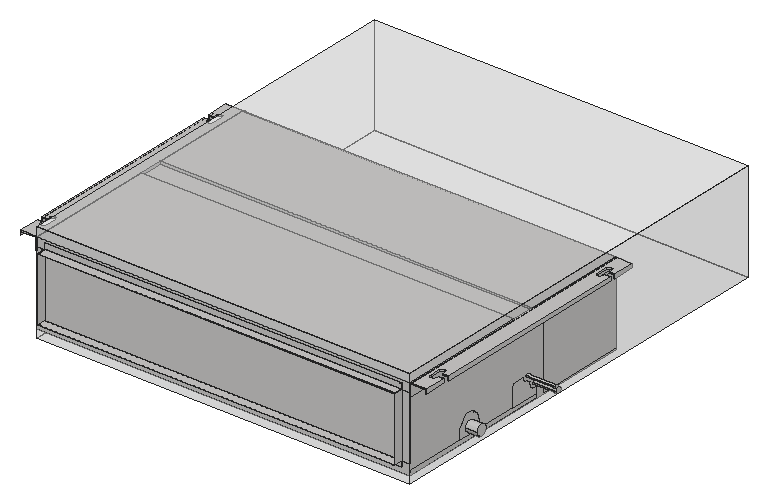
Revit family "outputfile", category 機械設備, Revit 2024
Family settings
  丸型コネクタ寸法 = 半径を使用
  パーツ タイプ = 標準
  OmniClass 番号 = 23.75.10.24.21.27.27
  OmniClass タイトル = Split System Air Conditioning Units
  作業面ベース = いいえ
  常に垂直 = はい
  ロード時にボイドで切り取り = いいえ
  注釈の向きを維持 = いいえ
  共有 = いいえ
  部屋計算ポイント = はい
Parameters (values of type "FDLF60DV14")
  Description = ""
  書き出し IFC クラス(タイプ) = "IfcUnitaryEquipmentType"
  定義済み IFC タイプ(タイプ) = "AIRCONDITIONINGUNIT"
  Cost = 0
  Type Comments = ""
  Keynote = ""
  Type Image = (empty or 0)
  Assembly Code = ""
  switch_frequency = yes
  ld_powersupply = Depth / 2  # 310 mm
  connector_voltage = Voltage_50Hz  # 230 V
  connector_powerinput = [Power Input (Cooling)]  # 0.000 kW
  connector_phase = Phase_50Hz  # 1
  angle_liquidpipe [instance] = if(Right Connection_refrigerant, 90.00°, 270.00°)  # 90.00°
  angle_gaspipe [instance] = if(Right Connection_refrigerant, 90.00°, 270.00°)  # 90.00°
  angle_drainpipe [instance] = if(Right Connection_refrigerant, 90.00°, 270.00°)  # 90.00°
  URL = ""
  Right Connection_refrigerant [instance] = yes
  製造元 = "Daikin"
  モデル = "FDLF60DV14"
  r_Liquid Pipe Size = Liquid Pipe Size / 2  # 3.2 mm
  r_Gas Pipe Size = Gas Pipe Size / 2  # 6.35 mm
  r_Drain Pipe Size = Drain Pipe Size / 2  # 12.5 mm
  lw_powersupply = 50 mm  # constant formula
  lw_ductflange2 = 803 mm
  lw_Width = 860 mm
  lh_suctionflange [instance] = 100 mm  # constant formula
  ld_suctionflange [instance] = if(Rear Connection_Return Air, 190.25 mm, 100.25 mm)  # 190.25 mm
  angle_vertical_RA [instance] = if(Rear Connection_Return Air, 90.00°, 0.00°)  # 90.00°
  angle horizontal_RA [instance] = if(Rear Connection_Return Air, 180.00°, 270.00°)  # 180.00°
  Voltage_comment_50Hz = "220 - 240"
  Voltage_50Hz = 230 V
  Supply Air Direction [instance] = yes
  Sound Power Level_H speed (dB) = 0
  Rear Connection_Return Air [instance] = not(Bottom Connection_Return Air)  # yes
  RA_length [instance] = if(Rear Connection_Return Air, 190.25 mm, 100 mm)  # 190.25 mm
  Phase_50Hz = 1
  Minimum External Static Pressure = 15.00 Pa
  Minimum Circuit Amps_50Hz = 0.0 A
  Maximum Fuse Amps_50Hz = 0.0 A
  Maximum External Static Pressure = 38.00 Pa
  Material_Casing = DAIKIN_GalvanizedSteel_Casing_indoorunit
  lw_liquidpipe = 521 mm
  lw_gaspipe = 508 mm
  lw_mountinghole = 940 mm
  lw_drainpipe = 480 mm
  lh_powersupply = 150 mm  # constant formula
  lh_liquidpipe = 138 mm  # constant formula
  lh_gaspipe = 160 mm  # constant formula
  lh_mountinghole = Height  # 200 mm
  lh_drainpipe = 170 mm  # constant formula
  lh_antena = 1 mm  # constant formula
  ld_liquidpipe = 353 mm  # constant formula
  ld_gaspipe = 375 mm  # constant formula
  ld_mountinghole = 500 mm  # constant formula
  ld_drainpipe = 178 mm  # constant formula
  ld_controlbox = 626 mm  # constant formula
  h*** = 0 mm  # constant formula
  d_dischargeflange = 21.2 mm  # constant formula
  Width = 900 mm
  Version = "ver.1.0"
  Unit Type = "L.S.P. Duct for Living room"
  Unit Mass Weight = 28.00 kg
  Unit Designation [instance] = ""
  Uniclass2015Version = "Products v1.30"
  Uniclass2015Title = "Split coil room air conditioning units"
  Uniclass2015Code = "Pr_70_65_03_86"
  Total Cooling Capacity [instance] = 0.000 kW
  Sound Pressure Level_M speed (dBA) = 33
  Sound Pressure Level_L speed (dBA) = 30
  Sound Pressure Level_H speed (dBA) = 37
  Series = "SkyAir_Fan Coil Unit"
  Sensible Cooling Capacity [instance] = 0.000 kW
  SA Duct Size Width = 860 mm
  SA Duct Size Height = 153 mm
  Refrigerant Type = "R32"
  RA Duct Size Width = 761 mm
  RA Duct Size Height = 160 mm
  Power Input (Cooling) = 0.000 kW
  Option Accessory 3 [instance] = ""
  Option Accessory 2 [instance] = ""
  Option Accessory 1 [instance] = ""
  Nominal Cooling Capacity = 6.000 kW
  Minimum Airflow = 720.00 m³/h
  Median Airflow = 840.00 m³/h
  Maximum Airflow = 960.00 m³/h
  Load Classification = HVAC
  Liquid Pipe Size = 6.4 mm
  Link_Nested Family [instance] = ""
  Left Connection_refrigerant [instance] = not(Right Connection_refrigerant)  # no
  IfcVersion = ""
  IfcExportType = "AIRCONDITIONINGUNIT"
  IfcExportAs = "IfcUnitaryEquipmentType"
  Height = 200 mm
  Heat Exchanger Type = "Cross Fin Coil"
  Gas Pipe Size = 12.7 mm
  Frequency_50Hz = 50 Hz
  Fan Type = "Sirocco Fan"
  Fan Drive = "Direct Drive"
  FCU Tag No. [instance] = ""
  Drain Pipe Size = 25.0 mm
  Design Supply Airflow [instance] = 0.00 m³/h
  Design Return Airflow [instance] = 0.00 m³/h
  Design External Static Pressure [instance] = 0.00 Pa
  Depth = 620 mm
  既定の高さ = 0 mm
  Cooling Entering Wet Bulb Temperature [instance] = 0.00 °C
  Cooling Entering Dry Bulb Temperature [instance] = 0.00 °C
  Cooling Ambient Wet Bulb Temperature [instance] = 0.00 °C
  Cooling Ambient Dry Bulb Temperature [instance] = 0.00 °C
  Clearance visibility [instance] = yes
  Clearance Top = 20 mm
  Clearance Right = 0 mm
  Clearance Rear = 400 mm
  Clearance Left = 0 mm
  Clearance Front = 0 mm
  Clearance Bottom = 20 mm
  Bottom Connection_Return Air [instance] = no
Reference planes
  plane 1 "Center (Front/Back)": y = 0
  plane 2: z = 0
  plane 3 "Center (Left/Right)": x = 0
  plane 4 "Back": y = 310
  plane 5 "Front": y = -310
  plane 6 "Left": x = -450
  plane 7 "Right": x = 450
  plane 8 "Top": z = 0
  plane 9 "Bottom": z = -200
  plane 10: x = -470
  plane 11: x = 470
  plane 12: y = 250
  plane 13: z = 0
  plane 14 "Clearance Left": x = -450
  plane 15 "Clearance Right": x = 450
  plane 16 "Clearance Rear": y = 710
  plane 17 "Clearance Front": y = -310
  plane 18 "Clearance Top": z = 20
  plane 19 "Clearance Bottom": z = -220
  plane 20: y = -250
  plane 21: z = -21
  plane 22: z = -97.5
  plane 23: x = -48.5
  plane 24: y = 119.75
  plane 25: z = -100
  plane 26: y = 65
  plane 27: z = -160
  plane 28: y = 43
  plane 29: z = -138
  plane 30: y = -132
  plane 31: z = -170
  plane 32: x = 508
  plane 33: x = 521
  plane 34: x = 480
  plane 35: x = 400
  plane 36: z = -150
  plane 37: x = -480
  plane 38: x = -521
  plane 39: x = -508
Forms (mm)
  Extrusion 1, solid, material "DAIKIN_GalvanizedSteel_Casing_indoorunit" <- "Material_Casing"
    sketch origin (0, 0, 0) x (1, 0, 0) y (0, 1, 0)
      loop
        line (-450, -310) -> (450, -310) -> (450, 310) -> (-450, 310) -> (-450, -310)
    from -200 to 0
  Extrusion 2, void
    sketch origin (0, 0, 1) x (1, 0, 0) y (0, 1, 0)
      loop
        line (-450, 61.5) -> (-450, 3.5) -> (450, 3.5) -> (450, 61.5) -> (-450, 61.5)
    from -1 to -7
  Extrusion 3, solid, material "DAIKIN_GalvanizedSteel_Casing_indoorunit" <- "Material_Casing", visible <- "Bottom Connection_Return Air"
    sketch origin (0, 0, 0) x (1, 0, 0) y (0, 0, 1)
      loop
        line (352, -199.25) -> (352, -0.75) -> (-449, -0.75) -> (-449, -199.25) -> (352, -199.25)
    from -310 to -309
  Extrusion 4, solid, material "DAIKIN_GalvanizedSteel_Casing_indoorunit" <- "Material_Casing", visible <- "Rear Connection_Return Air"
    sketch origin (0, 0, 0) x (1, 0, 0) y (0, 1, 0)
      loop
        line (-449, 309) -> (-449, 110.5) -> (352, 110.5) -> (352, 309) -> (-449, 309)
    from -200 to -199
  Extrusion 5, solid, material "DAIKIN_GalvanizedSteel_Casing_indoorunit" <- "Material_Casing", visible <- "Right Connection_refrigerant"
    sketch origin (450, 0, 0) x (0, 1, 0) y (0, 0, 1)
      loop
        circle (65, -160) r 6.35
    from 0 to 58
  Extrusion 6, solid, material "DAIKIN_GalvanizedSteel_Casing_indoorunit" <- "Material_Casing", visible <- "Right Connection_refrigerant"
    sketch origin (450, 0, 0) x (0, 1, 0) y (0, 0, 1)
      loop
        circle (43, -138) r 3.2
    from 0 to 71
  Extrusion 7, solid, material "DAIKIN_GalvanizedSteel_Casing_indoorunit" <- "Material_Casing", visible <- "Right Connection_refrigerant"
    sketch origin (450, 0, 0) x (0, 1, 0) y (0, 0, 1)
      loop
        line (-310, -200) -> (70, -200) -> (70, -190) -> (-310, -190) -> (-310, -200)
    from 0 to -1
  Extrusion 8, solid, material "DAIKIN_GalvanizedSteel_Casing_indoorunit" <- "Material_Casing", visible <- "Right Connection_refrigerant"
    sketch origin (450, 0, 0) x (0, 1, 0) y (0, 0, 1)
      loop
        arc (96, -27.5) -> (93.879, -28.379) -> (93, -30.5) r 3
        line (93, -30.5) -> (93, -194.5)
        arc (93, -194.5) -> (93.879, -196.621) -> (96, -197.5) r 3
        line (96, -197.5) -> (310, -197.5) -> (310, -27.5) -> (96, -27.5)
    from 0 to -1
  Extrusion 9, solid, material "DAIKIN_GalvanizedSteel_Casing_indoorunit" <- "Material_Casing", visible <- "Right Connection_refrigerant"
    sketch origin (450, 0, 0) x (0, 1, 0) y (0, 0, 1)
      loop
        arc (-104, -170) -> (-132, -142) -> (-160, -170) r 28
        line (-160, -170) -> (-160, -190) -> (-104, -190) -> (-104, -170)
    from 0 to -1
  Extrusion 10, solid, material "DAIKIN_GalvanizedSteel_Casing_indoorunit" <- "Material_Casing", visible <- "Right Connection_refrigerant"
    sketch origin (450, 0, 0) x (0, 1, 0) y (0, 0, 1)
      loop
        line (70, -190) -> (70, -174.671)
        arc (70, -174.671) -> (54.678, -171.563) -> (49.857, -156.691) r 15.5
        line (49.857, -156.691) -> (43.472, -150.991)
        arc (43.472, -150.991) -> (34.343, -147.698) -> (30.039, -139) r 13
        line (30.039, -139) -> (2, -139)
        arc (2, -139) -> (-0.121, -139.879) -> (-1, -142) r 3
        line (-1, -142) -> (-1, -190) -> (70, -190)
    from 0 to -1
  Extrusion 11, solid, material "DAIKIN_GalvanizedSteel_Casing_indoorunit" <- "Material_Casing", visible <- "Left Connection_refrigerant"
    sketch origin (-450, 0, 0) x (0, 1, 0) y (0, 0, 1)
      loop
        line (-310, -200) -> (70, -200) -> (70, -190) -> (-310, -190) -> (-310, -200)
    from 0 to -1
  Extrusion 12, solid, material "DAIKIN_GalvanizedSteel_Casing_indoorunit" <- "Material_Casing", visible <- "Left Connection_refrigerant"
    sketch origin (-450, 0, 0) x (0, 1, 0) y (0, 0, 1)
      loop
        arc (96, -27.5) -> (93.879, -28.379) -> (93, -30.5) r 3
        line (93, -30.5) -> (93, -194.5)
        arc (93, -194.5) -> (93.879, -196.621) -> (96, -197.5) r 3
        line (96, -197.5) -> (310, -197.5) -> (310, -27.5) -> (96, -27.5)
    from 0 to -1
  Extrusion 13, solid, material "DAIKIN_GalvanizedSteel_Casing_indoorunit" <- "Material_Casing", visible <- "Left Connection_refrigerant"
    sketch origin (-450, 0, 0) x (0, 1, 0) y (0, 0, 1)
      loop
        arc (-104, -170) -> (-132, -142) -> (-160, -170) r 28
        line (-160, -170) -> (-160, -190) -> (-104, -190) -> (-104, -170)
    from 0 to -1
  Extrusion 14, solid, material "DAIKIN_GalvanizedSteel_Casing_indoorunit" <- "Material_Casing", visible <- "Left Connection_refrigerant"
    sketch origin (-450, 0, 0) x (0, 1, 0) y (0, 0, 1)
      loop
        line (70, -190) -> (70, -174.671)
        arc (70, -174.671) -> (54.678, -171.563) -> (49.857, -156.691) r 15.5
        line (49.857, -156.691) -> (43.472, -150.991)
        arc (43.472, -150.991) -> (34.343, -147.698) -> (30.039, -139) r 13
        line (30.039, -139) -> (2, -139)
        arc (2, -139) -> (-0.121, -139.879) -> (-1, -142) r 3
        line (-1, -142) -> (-1, -190) -> (70, -190)
    from 0 to -1
  Extrusion 15, solid, material "DAIKIN_GalvanizedSteel_Casing_indoorunit" <- "Material_Casing", visible <- "Left Connection_refrigerant"
    sketch origin (-450, 0, 0) x (0, 1, 0) y (0, 0, 1)
      loop
        circle (43, -138) r 3.2
    from -71 to 0
  Extrusion 16, solid, material "DAIKIN_GalvanizedSteel_Casing_indoorunit" <- "Material_Casing", visible <- "Left Connection_refrigerant"
    sketch origin (-450, 0, 0) x (0, 1, 0) y (0, 0, 1)
      loop
        circle (65, -160) r 6.35
    from -58 to 0
  Extrusion 17, solid, material "DAIKIN_GalvanizedSteel_Casing_indoorunit" <- "Material_Casing", visible <- "Left Connection_refrigerant"
    sketch origin (-450, 0, 0) x (0, 1, 0) y (0, 0, 1)
      loop
        circle (-132, -170) r 12.5
    from -30 to 0
  Extrusion 18, solid, material "DAIKIN_GalvanizedSteel_Casing_indoorunit" <- "Material_Casing", visible <- "Right Connection_refrigerant"
    sketch origin (450, 0, 0) x (0, 1, 0) y (0, 0, 1)
      loop
        circle (-132, -170) r 12.5
    from 0 to 30
Cuts and joins
  Extrusion 2 cuts Extrusion 1
Dimensions and locks
  "Height": plane 8 "Top" to plane 9 "Bottom"
  equal spacing: plane 10, plane 3 "Center (Left/Right)", plane 11
  "lw_mountinghole": plane 10 to plane 11
  equal spacing: plane 6 "Left", plane 3 "Center (Left/Right)", plane 7 "Right"
  "Width": plane 6 "Left" to plane 7 "Right"
  "Clearance Right": plane 7 "Right" to plane 15 "Clearance Right"
  "Clearance Left": plane 14 "Clearance Left" to plane 6 "Left"
  "Clearance Rear": plane 16 "Clearance Rear" to plane 4 "Back"
  "Clearance Front": plane 5 "Front" to plane 17 "Clearance Front"
  "Clearance Top": plane 18 "Clearance Top" to plane 8 "Top"
  "Clearance Bottom": plane 9 "Bottom" to plane 19 "Clearance Bottom"
  "Depth": plane 4 "Back" to plane 5 "Front"
  equal spacing: plane 4 "Back", plane 1 "Center (Front/Back)", plane 5 "Front"
  Extrusion 3 sketch curve to Extrusion 3 sketch curve = 198.5 mm
  locked: plane 20 to plane 5 "Front" at 60
  "ld_mountinghole": plane 12 to plane 20
  locked: plane 8 "Top" to plane 21 at 21
  locked: plane 23 to plane 3 "Center (Left/Right)" at 48.5
  "ld_suctionflange": plane 4 "Back" to plane 24
  "lh_suctionflange": plane 8 "Top" to plane 25
  "ld_gaspipe": plane 26 to plane 5 "Front"
  "lh_gaspipe": plane 8 "Top" to plane 27
  "ld_liquidpipe": plane 28 to plane 5 "Front"
  "lh_liquidpipe": plane 8 "Top" to plane 29
  "ld_drainpipe": plane 30 to plane 5 "Front"
  "lh_drainpipe": plane 8 "Top" to plane 31
  "lw_powersupply": plane 35 to plane 7 "Right"
  "lh_powersupply": plane 8 "Top" to plane 36
  "lw_gaspipe": plane 3 "Center (Left/Right)" to plane 32
  "lw_liquidpipe": plane 3 "Center (Left/Right)" to plane 33
  "lw_drainpipe": plane 3 "Center (Left/Right)" to plane 34
  "lw_liquidpipe": plane 38 to plane 3 "Center (Left/Right)"
  "lw_gaspipe": plane 39 to plane 3 "Center (Left/Right)"
  "lw_drainpipe": plane 37 to plane 3 "Center (Left/Right)"
  "r_Gas Pipe Size": radius of Extrusion 5 sketch curve
  "r_Liquid Pipe Size": radius of Extrusion 6 sketch curve
  "r_Liquid Pipe Size": radius of Extrusion 15 sketch curve
  "r_Gas Pipe Size": radius of Extrusion 16 sketch curve
  "r_Drain Pipe Size": radius of Extrusion 17 sketch curve
  "r_Drain Pipe Size": radius of Extrusion 18 sketch curve
  aligned and locked: level to plane 2
  aligned and locked: Extrusion 1 to plane 9 "Bottom"
  aligned and locked: plane 8 "Top" to Extrusion 1
  aligned and locked: plane 11 to nested 2
  aligned and locked: plane 10 to nested 3
  aligned and locked: plane 10 to nested 4
  aligned and locked: plane 8 "Top" to Extrusion 2
  aligned and locked: plane 9 "Bottom" to Extrusion 4  (x2)
  aligned and locked: plane 7 "Right" to cut or joined group of Extrusion 1, Extrusion 2  (x2)
  aligned and locked: plane 3 "Center (Left/Right)" to nested 9
  aligned and locked: plane 6 "Left" to nested 7
  aligned and locked: plane 8 "Top" to nested 9
  aligned and locked: plane 11 to nested 1
  aligned and locked: nested 6 to plane 1 "Center (Front/Back)"
  aligned and locked: plane 3 "Center (Left/Right)" to nested 6
  aligned and locked: level to plane 8 "Top"
  aligned and locked: plane 1 "Center (Front/Back)" to nested 9
  aligned and locked: plane 5 "Front" to nested 10
  aligned and locked: Extrusion 1 sketch curve to plane 5 "Front"
  aligned and locked: plane 21 to nested 10
  aligned and locked: nested 5 to plane 5 "Front"
  aligned and locked: plane 3 "Center (Left/Right)" to nested 5
  aligned and locked: plane 22 to nested 5
  aligned and locked: Extrusion 2 sketch curve to plane 6 "Left"
  aligned and locked: plane 7 "Right" to Extrusion 2 sketch curve
  aligned and locked: nested 11 to plane 23
  aligned and locked: nested 11 to plane 24
  aligned and locked: plane 27 to Extrusion 5 sketch curve
  aligned and locked: plane 26 to Extrusion 5 sketch curve
  aligned and locked: plane 28 to Extrusion 6 sketch curve
  aligned and locked: plane 29 to Extrusion 6 sketch curve
  aligned and locked: plane 32 to Extrusion 5
  aligned and locked: plane 33 to Extrusion 6
  aligned and locked: Extrusion 7 sketch curve to plane 9 "Bottom"
  aligned and locked: Extrusion 7 sketch curve to plane 5 "Front"
  aligned and locked: plane 14 "Clearance Left" to nested 12
  aligned and locked: plane 15 "Clearance Right" to nested 12
  aligned and locked: plane 16 "Clearance Rear" to nested 12
  aligned and locked: nested 12 to plane 17 "Clearance Front"
  aligned and locked: nested 12 to plane 18 "Clearance Top"
  aligned and locked: nested 12 to plane 19 "Clearance Bottom"
  aligned and locked: nested 13 to plane 35
  aligned and locked: nested 13 to plane 36
  aligned and locked: plane 4 "Back" to nested 13
  aligned and locked: nested 14 to plane 26
  aligned and locked: plane 3 "Center (Left/Right)" to nested 14
  aligned and locked: nested 14 to plane 27
  aligned and locked: nested 15 to plane 28
  aligned and locked: plane 3 "Center (Left/Right)" to nested 15
  aligned and locked: nested 15 to plane 29
  aligned and locked: nested 16 to plane 30
  aligned and locked: plane 3 "Center (Left/Right)" to nested 16
  aligned and locked: nested 16 to plane 31
  aligned and locked: plane 29 to Extrusion 15 sketch curve
  aligned and locked: plane 28 to Extrusion 15 sketch curve
  aligned and locked: Extrusion 15 to plane 38
  aligned and locked: plane 6 "Left" to Extrusion 15
  aligned and locked: plane 26 to Extrusion 16 sketch curve
  aligned and locked: plane 27 to Extrusion 16 sketch curve
  aligned and locked: Extrusion 16 to plane 39
  aligned and locked: plane 6 "Left" to Extrusion 16
  aligned and locked: plane 30 to Extrusion 17 sketch curve
  aligned and locked: Extrusion 17 to plane 37
  aligned and locked: plane 6 "Left" to Extrusion 17
  aligned and locked: Extrusion 5 to plane 7 "Right"
  aligned and locked: Extrusion 6 to plane 7 "Right"
  aligned and locked: plane 30 to Extrusion 18 sketch curve
  aligned and locked: plane 31 to Extrusion 18 sketch curve
  aligned and locked: plane 34 to Extrusion 18
  aligned and locked: Extrusion 18 to plane 7 "Right"
Automatic sketch dimensions
  Extrusion 1 sketch curve to plane 4 "Back" = 0 mm
  Extrusion 1 sketch curve to plane 6 "Left" = 0 mm
  Extrusion 1 sketch curve to plane 7 "Right" = 0 mm
  Extrusion 2 sketch curve to plane 1 "Center (Front/Back)" = 3.5 mm
  Extrusion 2 sketch curve to plane 26 = 3.5 mm
  plane 9 "Bottom" to Extrusion 3 sketch curve = 0.75 mm
  plane 6 "Left" to Extrusion 3 sketch curve = 1 mm
  Extrusion 3 sketch curve to plane 35 = 48 mm
  Extrusion 4 sketch curve to plane 4 "Back" = 1 mm
  plane 6 "Left" to Extrusion 4 sketch curve = 1 mm
  Extrusion 4 sketch curve to plane 35 = 48 mm
  Extrusion 4 sketch curve to plane 24 = 9.25 mm
  plane 26 to Extrusion 7 sketch curve = 5 mm
  Extrusion 7 sketch curve to Extrusion 7 sketch curve = 10 mm
  Extrusion 8 sketch curve to plane 21 = 9.5 mm
  Extrusion 8 sketch curve to plane 24 = 23.75 mm  (x2)
  plane 9 "Bottom" to Extrusion 8 sketch curve = 5.5 mm
  Extrusion 8 sketch curve to Extrusion 8 sketch curve = 3 mm
  Extrusion 9 sketch curve to plane 31 = 0 mm
  Extrusion 9 sketch curve to plane 30 = 0 mm
  plane 9 "Bottom" to Extrusion 9 sketch curve = 10 mm
  Extrusion 9 sketch curve to plane 30 = 28 mm
  Extrusion 10 sketch curve to plane 28 = 0 mm
  Extrusion 10 sketch curve to plane 26 = 0 mm
  Extrusion 10 sketch curve to plane 27 = 0 mm
  Extrusion 10 sketch curve to plane 29 = 0 mm
  Extrusion 10 sketch curve to plane 29 = 1 mm
  Extrusion 10 sketch curve to plane 28 = 12.961 mm
  Extrusion 10 sketch curve to plane 1 "Center (Front/Back)" = 2 mm
  plane 1 "Center (Front/Back)" to Extrusion 10 sketch curve = 1 mm
  plane 28 to Extrusion 10 sketch curve = 0.472 mm
  plane 27 to Extrusion 10 sketch curve = 3.309 mm
  plane 28 to Extrusion 10 sketch curve = 6.857 mm
  plane 26 to Extrusion 10 sketch curve = 5 mm
  plane 9 "Bottom" to Extrusion 10 sketch curve = 10 mm
  Extrusion 8 sketch curve to plane 4 "Back" = 0 mm
  Extrusion 17 sketch curve to plane 31 = 0 mm
  Extrusion 12 sketch curve to plane 4 "Back" = 0 mm
  plane 9 "Bottom" to Extrusion 12 sketch curve = 5.5 mm
  Extrusion 12 sketch curve to plane 24 = 23.75 mm  (x2)
  Extrusion 12 sketch curve to plane 21 = 6.5 mm
  Extrusion 12 sketch curve to Extrusion 12 sketch curve = 3 mm
  Extrusion 14 sketch curve to plane 28 = 0 mm
  Extrusion 14 sketch curve to plane 26 = 0 mm
  Extrusion 14 sketch curve to plane 27 = 0 mm
  Extrusion 14 sketch curve to plane 29 = 0 mm
  Extrusion 14 sketch curve to plane 29 = 1 mm
  Extrusion 14 sketch curve to plane 28 = 12.961 mm
  Extrusion 14 sketch curve to plane 1 "Center (Front/Back)" = 2 mm
  plane 1 "Center (Front/Back)" to Extrusion 14 sketch curve = 1 mm
  plane 28 to Extrusion 14 sketch curve = 0.472 mm
  plane 27 to Extrusion 14 sketch curve = 3.309 mm
  plane 28 to Extrusion 14 sketch curve = 6.857 mm
  plane 26 to Extrusion 14 sketch curve = 5 mm
  plane 9 "Bottom" to Extrusion 14 sketch curve = 10 mm
  Extrusion 11 sketch curve to plane 5 "Front" = 0 mm
  Extrusion 11 sketch curve to plane 9 "Bottom" = 0 mm
  plane 26 to Extrusion 11 sketch curve = 5 mm
  Extrusion 11 sketch curve to Extrusion 11 sketch curve = 10 mm
  Extrusion 13 sketch curve to plane 31 = 0 mm
  Extrusion 13 sketch curve to plane 30 = 0 mm
  plane 9 "Bottom" to Extrusion 13 sketch curve = 10 mm
  Extrusion 13 sketch curve to plane 30 = 28 mm
Nested families
  nested 1: "daikin_mountinghole" at (470, 250, -200), l_antenna <- "lh_antena", Link_Nested Family <- "Link_Nested Family", h_mountinghole <- "lh_mountinghole", type "daikin_mountinghole"
    with show yes, l_antenna 1 mm, h_mountinghole 200 mm, Link_Nested Family ""
  nested 2: "daikin_mountinghole" at (470, -250, -200), Link_Nested Family <- "Link_Nested Family", l_antenna <- "lh_antena", h_mountinghole <- "lh_mountinghole", type "daikin_mountinghole"
    with show yes, l_antenna 1 mm, h_mountinghole 200 mm, Link_Nested Family ""
  nested 3: "daikin_mountinghole" at (-470, -250, -200), l_antenna <- "lh_antena", Link_Nested Family <- "Link_Nested Family", h_mountinghole <- "lh_mountinghole", type "daikin_mountinghole"
    with show yes, l_antenna 1 mm, h_mountinghole 200 mm, Link_Nested Family ""
  nested 4: "daikin_mountinghole" at (-470, 250, -200), l_antenna <- "lh_antena", Link_Nested Family <- "Link_Nested Family", h_mountinghole <- "lh_mountinghole", type "daikin_mountinghole"
    with show yes, l_antenna 1 mm, h_mountinghole 200 mm, Link_Nested Family ""
  nested 5: "daikin_connector_rotate2" at (0, -310, -97.5), length <- "d_dischargeflange", type "daikin_connector_rotate2"
    with radius 10 mm, length 21.2 mm, angle_vertical 90.00°, show_face no
  nested 6: "daikin_△_symbolicline" at (-75, -129.904, 200) x (-0.5, 0.866, 0) z (0, 0, 1), built-in parameter 1001364 <- "Height", visible <- "Supply Air Direction", type "daikin_△_symbolicline"
    with length 300 mm
  nested 7: "daikin_ductflange_FDLF-DV14_1" at (-48.5, 310, -100), visible <- "Rear Connection_Return Air", material <- "Material_Casing", width <- "lw_ductflange2", type "daikin_ductflange_FDLF-DV14_1"
    with width 803 mm, material DAIKIN_GalvanizedSteel_Casing_indoorunit, height 180 mm, depth 21.2 mm
  nested 8: "daikin_ductflange_FDLF-DV14_1" at (-48.5, 209.75, -200) x (1, 0, 0) z (0, 1, 0), visible <- "Bottom Connection_Return Air", material <- "Material_Casing", width <- "lw_ductflange2", type "daikin_ductflange_FDLF-DV14_1"
    with width 803 mm, material DAIKIN_GalvanizedSteel_Casing_indoorunit, height 180 mm, depth 21.2 mm
  nested 9: "daikin_hangerfixture_FDLF-DV14" at (0, 0, 0), type "daikin_hangerfixture_FDLF-DV14"
  nested 10: "daikin_ductflange_FDLF-DV14" at (0, 3.5, -364.201), width <- "lw_Width", material <- "Material_Casing", type "daikin_ductflange_FDLF-DV14"
    with width 860 mm, material DAIKIN_GalvanizedSteel_Casing_indoorunit, height 155 mm, depth 21.2 mm
  nested 11: "daikin_connector_rotate3" at (-48.5, 119.75, -100), length <- "RA_length", angle_vertical <- "angle_vertical_RA", angle_horizontal <- "angle horizontal_RA", type "daikin_connector_rotate3"
    with show no, radius 10 mm, length 190.25 mm, angle_vertical 90.00°, angle_horizontal 180.00°
  nested 12: "daikin_clearancespace" at (0, 200, -99.881), visible <- "Clearance visibility", Link_Nested Family <- "Link_Nested Family", show <- "Clearance visibility", type "daikin_clearancespace"
    with width 900 mm, show yes, height 240 mm, depth 1020 mm, Link_Nested Family ""
  nested 13: "daikin_connector_rotate2" at (400, 0, -150) x (-1, 0, 0) z (0, 0, 1), length <- "ld_powersupply", type "daikin_connector_rotate2"
    with radius 10 mm, length 310 mm, angle_vertical 90.00°, show_face no
  nested 14: "daikin_connector_rotate3" at (0, 65, -160), angle_vertical <- "angle_gaspipe", radius <- "r_Gas Pipe Size", length <- "lw_gaspipe", type "daikin_connector_rotate3"
    with show no, radius 6.35 mm, length 508 mm, angle_vertical 90.00°, angle_horizontal 90.00°
  nested 15: "daikin_connector_rotate3" at (0, 43, -138), angle_vertical <- "angle_liquidpipe", length <- "lw_liquidpipe", radius <- "r_Liquid Pipe Size", type "daikin_connector_rotate3"
    with show no, radius 3.2 mm, length 521 mm, angle_vertical 90.00°, angle_horizontal 90.00°
  nested 16: "daikin_connector_rotate3" at (0, -132, -170), angle_vertical <- "angle_drainpipe", length <- "lw_drainpipe", radius <- "r_Drain Pipe Size", type "daikin_connector_rotate3"
    with show no, radius 12.5 mm, length 480 mm, angle_vertical 90.00°, angle_horizontal 90.00°
Connectors
  hvac at (0, -331.2, -97.5), driven by "SA Duct Size Height", driven by "SA Duct Size Width"
    settings: on nested 5, index 1, duct flow 0.00 m³/h, flow factor 0, pres drop 0.00 Pa, loss coef 0, conn angle 0.00°, conn width 860.0 mm, conn height 153.0 mm, conn diameter 609.6 mm, duct sys type 1, conn prof type 1, flow config 0, flow direction 2, loss method 4, conn ref index -1, conn util no, is conn primary yes, conn desc "SA Duct"
  hvac at (-48.5, 310, -100), driven by "RA Duct Size Height", driven by "RA Duct Size Width"
    settings: on nested 11, index 2, duct flow 0.00 m³/h, flow factor 0, pres drop 0.00 Pa, loss coef 0, conn angle 0.00°, conn width 761.0 mm, conn height 160.0 mm, conn diameter 609.6 mm, duct sys type 2, conn prof type 1, flow config 0, flow direction 1, loss method 4, conn ref index -1, conn util no, is conn primary no, conn desc "RA Duct"
  electrical at (400, 310, -150), driven by "Load Classification", driven by "connector_powerinput", driven by "connector_voltage", driven by "connector_phase"
    settings: on nested 13, index 6, voltage 230 V, apparent load 0 VA, apparent load phase1 0 VA, apparent load phase2 0 VA, apparent load phase3 0 VA, power factor 1, load classification "HVAC", number of poles 1, system type 30, power factor state 1, is connector primary yes, connector utility no, sub classification motor no, connector description "Power Supply"
  piping at (508, 65, -160), diameter 12.7, driven by "r_Gas Pipe Size"
    settings: on nested 14, index 7, connector inside diameter 609.6 mm, connector length 0 mm, flow factor 0, pipe flow 0.00 m³/h, pressure drop 0.0 Pa, fitting loss kfactor 0, connector angle 0.00°, fixture units 0, engagement length 0 mm, angle of deflection 0.00°, flow configuration 1, flow direction 2, fitting loss method 0, system type 29, joint type 0, gender type 0, connector reference index -1, connector utility 0, adjustable connector no, is connector primary yes, connector description "Refrigerant Gas Piping"
  piping at (521, 43, -138), diameter 6.4, driven by "r_Liquid Pipe Size"
    settings: on nested 15, index 8, connector inside diameter 609.6 mm, connector length 0 mm, flow factor 0, pipe flow 0.00 m³/h, pressure drop 0.0 Pa, fitting loss kfactor 0, connector angle 0.00°, fixture units 0, engagement length 0 mm, angle of deflection 0.00°, flow configuration 1, flow direction 1, fitting loss method 0, system type 29, joint type 0, gender type 0, connector reference index -1, connector utility 0, adjustable connector no, is connector primary no, connector description "Refrigerant Liquid Piping"
  piping at (480, -132, -170), diameter 25, driven by "r_Drain Pipe Size"
    settings: on nested 16, index 9, connector inside diameter 609.6 mm, connector length 0 mm, flow factor 0, pipe flow 0.00 m³/h, pressure drop 0.0 Pa, fitting loss kfactor 0, connector angle 0.00°, fixture units 0, engagement length 0 mm, angle of deflection 0.00°, flow configuration 1, flow direction 2, fitting loss method 4, system type 16, joint type 0, gender type 0, connector reference index -1, connector utility 0, adjustable connector no, is connector primary no, connector description "Condensate Drain Piping"
Definition of nested family "daikin_ductflange_FDLF-DV14_1"
  Parameters (values of type "daikin_ductflange_FDLF-DV14_1")
    width [instance] = 620 mm
    material [instance] = none
    height [instance] = 180 mm
    depth [instance] = 21.2 mm
    Default Elevation = 0 mm
  Reference planes
    plane 1 "Center (Front/Back)": y = 0
    plane 2: z = 0
    plane 3 "Center (Left/Right)": x = 0
    plane 4: x = -310
    plane 5: x = 310
    plane 6: z = 100.25
    plane 7: z = -100.25
    plane 8: x = -309
    plane 9: x = 309
  Forms (mm)
    Extrusion 1, solid, material <- "material"
      sketch origin (0, 0, 0) x (1, 0, 0) y (0, 0, 1)
        loop
          line (-289, 80) -> (-289, -80) -> (289, -80) -> (289, 80) -> (-289, 80)
        loop
          line (-309, -99.25) -> (309, -99.25) -> (309, 99.25) -> (-309, 99.25) -> (-309, -99.25)
      from 0 to 1
  Dimensions and locks
    equal spacing: plane 5, plane 3 "Center (Left/Right)", plane 4, locked at 310 each
    "width": plane 5 to plane 4
    plane 8 to plane 4 = 1 mm
    locked: plane 5 to plane 9 at 1
    locked: Extrusion 1 sketch curve to Extrusion 1 sketch curve at 20  (x2)
    plane 6 to Extrusion 1 sketch curve = 1 mm
    locked: Extrusion 1 sketch curve to plane 7 at 1
    aligned and locked: level to plane 2
  Automatic sketch dimensions
    plane 4 to Extrusion 1 sketch curve = 1 mm
    Extrusion 1 sketch curve to plane 5 = 1 mm
    Extrusion 1 sketch curve to plane 6 = 20.25 mm
    plane 7 to Extrusion 1 sketch curve = 20.25 mm
Definition of nested family "daikin_hangerfixture_FDLF-DV14"
  Parameters (values of type "daikin_hangerfixture_FDLF-DV1")
    width = 900 mm
    material = none
    height = 30 mm
    depth = 620 mm
    Default Elevation = 0 mm
  Reference planes
    plane 1 "Center (Front/Back)": y = 0
    plane 2: z = 0
    plane 3 "Center (Left/Right)": x = 0
    plane 4: x = 450
    plane 5: y = 310
    plane 6: y = -310
    plane 7: x = -450
    plane 8: z = -30
  Forms (mm)
    Extrusion 1, solid, material <- "material"
      sketch origin (0, 0, 0) x (1, 0, 0) y (0, 0, 1)
        loop
          line (450, 0) -> (450, -30) -> (452.3, -30) -> (452.3, -2.3) -> (487.7, -2.3) -> (487.7, -10) -> (490, -10) -> (490, 0) -> (450, 0)
      from -310 to 310
    Extrusion 2, void
      sketch origin (0, 0, 0) x (0, 1, 0) y (0, 0, 1)
        loop
          line (310, -30) -> (310, -17.979) -> (87.935, -17.979) -> (75.914, -30) -> (310, -30)
      from -786.78 to 600.701
    Extrusion 3, void
      sketch origin (0, 0, 0) x (1, 0, 0) y (0, 1, 0)
        loop
          line (490, -244.5) -> (477, -244.5) -> (477, -238)
          arc (477, -238) -> (470, -231) -> (463, -238) r 7
          line (463, -238) -> (463, -264)
          arc (463, -264) -> (470, -271) -> (477, -264) r 7
          line (477, -264) -> (477, -257.5) -> (490, -257.5) -> (490, -244.5)
        loop
          line (490, 244.5) -> (490, 257.5) -> (477, 257.5) -> (477, 264)
          arc (477, 264) -> (470, 271) -> (463, 264) r 7
          line (463, 264) -> (463, 238)
          arc (463, 238) -> (470, 231) -> (477, 238) r 7
          line (477, 238) -> (477, 244.5) -> (490, 244.5)
      from -254.96 to 618
    Extrusion 4, solid, material <- "material"
      sketch origin (0, 0, 0) x (-1, 0, 0) y (0, 0, -1)
        loop
          line (450, 0) -> (490, 0) -> (490, 10) -> (487.7, 10) -> (487.7, 2.3) -> (452.3, 2.3) -> (452.3, 30) -> (450, 30) -> (450, 0)
      from -310 to 310
    Extrusion 5, void
      sketch origin (0, 0, 0) x (-1, 0, 0) y (0, -1, 0)
        loop
          line (490, 244.5) -> (490, 257.5) -> (477, 257.5) -> (477, 264)
          arc (477, 264) -> (470, 271) -> (463, 264) r 7
          line (463, 264) -> (463, 238)
          arc (463, 238) -> (470, 231) -> (477, 238) r 7
          line (477, 238) -> (477, 244.5) -> (490, 244.5)
        loop
          line (490, -244.5) -> (477, -244.5) -> (477, -238)
          arc (477, -238) -> (470, -231) -> (463, -238) r 7
          line (463, -238) -> (463, -264)
          arc (463, -264) -> (470, -271) -> (477, -264) r 7
          line (477, -264) -> (477, -257.5) -> (490, -257.5) -> (490, -244.5)
      from -254.96 to 618
  Cuts and joins
    Extrusion 2, Extrusion 3, Extrusion 5 cuts Extrusion 1
    Extrusion 2, Extrusion 5 cuts Extrusion 4
  Dimensions and locks
    equal spacing: plane 5, plane 1 "Center (Front/Back)", plane 6
    "depth": plane 5 to plane 6
    plane 6 to plane 1 "Center (Front/Back)" to plane 5 = 310 mm, 310 mm
    equal spacing: plane 4, plane 3 "Center (Left/Right)", plane 7
    "width": plane 4 to plane 7
    "height": level to plane 8
    aligned and locked: level to plane 2
    aligned and locked: plane 5 to Extrusion 1
    aligned and locked: Extrusion 1 to plane 6
    aligned and locked: Extrusion 1 to plane 4
    aligned and locked: plane 5 to cut or joined group of Extrusion 1, Extrusion 2, Extrusion 3, Extrusion 5
    aligned and locked: cut or joined group of Extrusion 1, Extrusion 2, Extrusion 3, Extrusion 5 to plane 6
    aligned and locked: level to cut or joined group of Extrusion 1, Extrusion 2, Extrusion 3, Extrusion 5
    aligned and locked: cut or joined group of Extrusion 1, Extrusion 2, Extrusion 3, Extrusion 5 to plane 8
    aligned and locked: plane 5 to cut or joined group of Extrusion 2, Extrusion 4, Extrusion 5
    aligned and locked: cut or joined group of Extrusion 2, Extrusion 4, Extrusion 5 to plane 6
  Automatic sketch dimensions
    Extrusion 1 sketch curve to plane 4 = 0 mm
    Extrusion 1 sketch curve to plane 8 = 0 mm
    Extrusion 1 sketch curve to level = 0 mm
    plane 4 to Extrusion 1 sketch curve = 2.3 mm
    Extrusion 1 sketch curve to level = 2.3 mm
    Extrusion 1 sketch curve to Extrusion 1 sketch curve = 35.4 mm
    Extrusion 1 sketch curve to Extrusion 1 sketch curve = 2.3 mm
    Extrusion 1 sketch curve to Extrusion 1 sketch curve = 7.7 mm
    Extrusion 2 sketch curve to plane 8 = 0 mm
    Extrusion 2 sketch curve to plane 5 = 0 mm
    plane 8 to Extrusion 2 sketch curve = 12.021 mm
    Extrusion 2 sketch curve to plane 1 "Center (Front/Back)" = 87.935 mm
    Extrusion 2 sketch curve to Extrusion 2 sketch curve = 12.021 mm
    plane 4 to Extrusion 3 sketch curve = 13 mm  (x2)
    Extrusion 3 sketch curve to Extrusion 3 sketch curve = 7 mm  (x4)
    Extrusion 3 sketch curve to Extrusion 3 sketch curve = 13 mm  (x4)
    plane 6 to Extrusion 3 sketch curve = 46 mm
    Extrusion 3 sketch curve to Extrusion 3 sketch curve = 6.5 mm  (x4)
    Extrusion 3 sketch curve to plane 5 = 72 mm
    Extrusion 4 sketch curve to plane 7 = 0 mm
    Extrusion 4 sketch curve to plane 8 = 0 mm
    Extrusion 4 sketch curve to level = 0 mm
    Extrusion 4 sketch curve to plane 7 = 2.3 mm
    Extrusion 4 sketch curve to level = 2.3 mm
    Extrusion 4 sketch curve to Extrusion 4 sketch curve = 35.4 mm
    Extrusion 4 sketch curve to Extrusion 4 sketch curve = 2.3 mm
    Extrusion 4 sketch curve to Extrusion 4 sketch curve = 7.7 mm
    Extrusion 5 sketch curve to plane 7 = 13 mm  (x2)
    Extrusion 5 sketch curve to Extrusion 5 sketch curve = 7 mm  (x4)
    Extrusion 5 sketch curve to Extrusion 5 sketch curve = 13 mm  (x4)
    Extrusion 5 sketch curve to plane 5 = 46 mm
    Extrusion 5 sketch curve to Extrusion 5 sketch curve = 6.5 mm  (x4)
    plane 6 to Extrusion 5 sketch curve = 72 mm
Definition of nested family "daikin_ductflange_FDLF-DV14"
  Parameters (values of type "daikin_ductflange_FXDQ-NDVET")
    width [instance] = 660 mm
    material [instance] = none
    height [instance] = 155 mm
    depth [instance] = 21.2 mm
    Default Elevation = 0 mm
  Reference planes
    plane 1 "Center (Front/Back)": y = 0
    plane 2: z = 189.201
    plane 3 "Center (Left/Right)": x = 0
    plane 4: y = -313.5
    plane 5: x = -330
    plane 6: x = 330
    plane 7: y = -334.7
    plane 8: z = 344.201
    plane 9: z = 266.701
    plane 10: z = 343.201
    plane 11: z = 190.201
  Forms (mm)
    Extrusion 1, solid, material <- "material"
      sketch origin (0, 0, 189.201) x (1, 0, 0) y (0, 1, 0)
        loop
          line (-330, -334.7) -> (-330, -313.5) -> (-350, -313.5) -> (-350, -314.5) -> (-331, -314.5) -> (-331, -334.7) -> (-330, -334.7)
        loop
          line (330, -334.7) -> (331, -334.7) -> (331, -314.5) -> (350, -314.5) -> (350, -313.5) -> (330, -313.5) -> (330, -334.7)
      from 1 to 154
    Extrusion 2, solid, material <- "material"
      sketch origin (0, 0, 0) x (0, 1, 0) y (0, 0, 1)
        loop
          line (-313.5, 343.201) -> (-313.5, 358.201) -> (-314.5, 358.201) -> (-314.5, 344.201) -> (-334.7, 344.201) -> (-334.7, 343.201) -> (-313.5, 343.201)
        loop
          line (-313.5, 190.201) -> (-334.7, 190.201) -> (-334.7, 189.201) -> (-314.5, 189.201) -> (-314.5, 175.201) -> (-313.5, 175.201) -> (-313.5, 190.201)
      from -330 to 330
  Dimensions and locks
    plane 4 to plane 1 "Center (Front/Back)" = 313.5 mm
    "depth": plane 7 to plane 4
    equal spacing: plane 8, plane 9, level
    "height": plane 8 to level
    equal spacing: plane 6, plane 3 "Center (Left/Right)", plane 5
    "width": plane 6 to plane 5
    locked: plane 8 to plane 10 at 1
    locked: plane 11 to level at 1
    locked: Extrusion 1 to Extrusion 2 sketch curve at 1
    locked: Extrusion 2 sketch curve to Extrusion 1 at 1
    plane 10 to plane 11 = 153 mm
    aligned and locked: level to plane 2
    aligned and locked: Extrusion 2 to plane 5
    aligned and locked: Extrusion 2 to plane 11
    aligned and locked: Extrusion 2 to plane 10
    aligned and locked: plane 6 to Extrusion 2
    aligned and locked: plane 5 to Extrusion 2  (x2)
    aligned and locked: plane 5 to Extrusion 1  (x2)
    aligned and locked: Extrusion 1 to plane 6
    aligned and locked: plane 6 to Extrusion 1
    aligned and locked: Extrusion 1 to plane 10
  Automatic sketch dimensions
    Extrusion 2 sketch curve to plane 7 = 0 mm  (x2)
    Extrusion 2 sketch curve to plane 4 = 0 mm  (x2)
    Extrusion 2 sketch curve to plane 11 = 0 mm
    Extrusion 2 sketch curve to plane 10 = 0 mm
    Extrusion 2 sketch curve to plane 4 = 1 mm  (x2)
    Extrusion 2 sketch curve to level = 14 mm
    plane 8 to Extrusion 2 sketch curve = 14 mm
    Extrusion 1 sketch curve to plane 4 = 0 mm  (x2)
    Extrusion 1 sketch curve to plane 7 = 0 mm  (x2)
    Extrusion 1 sketch curve to plane 5 = 0 mm
    Extrusion 1 sketch curve to plane 6 = 0 mm
    Extrusion 1 sketch curve to plane 5 = 1 mm
    Extrusion 1 sketch curve to Extrusion 1 sketch curve = 19 mm  (x2)
    Extrusion 1 sketch curve to Extrusion 1 sketch curve = 1 mm
    Extrusion 1 sketch curve to plane 4 = 1 mm  (x2)
Definition of nested family "daikin_clearancespace"
  Parameters (values of type "daikin_clearancespace")
    Description = "daikin_clearancespace"
    width [instance] = 1823.963 mm
    show [instance] = yes
    material = none
    height [instance] = 1359.762 mm
    depth [instance] = 880 mm
    Default Elevation = 0 mm
    Link_Nested Family [instance] = ""
  Reference planes
    plane 1 "Center (Front/Back)": y = 0
    plane 2 "Center (Elevation)": z = -0.119
    plane 3 "Center (Left/Right)": x = 0
    plane 4: y = 440
    plane 5: y = -440
    plane 6 "Right": x = 911.982
    plane 7 "Left": x = -911.982
    plane 8 "Top": z = 679.762
    plane 9 "Bottom": z = -680
  Forms (mm)
    Extrusion 1, solid, material <- "material", visible <- "show"
      sketch origin (0, 0, 0) x (1, 0, 0) y (0, 1, 0)
        loop
          line (-911.982, 440) -> (-911.982, -440) -> (911.982, -440) -> (911.982, 440) -> (-911.982, 440)
      from -680 to 679.762
  Lines and regions (mm)
    symbolic lines, visible <- "show"
      curve 1: line (911.982, 440, 0) -> (-911.982, 440, 0)
      curve 2: line (-911.982, 440, 0) -> (-911.982, -440, 0)
      curve 3: line (-911.982, -440, 0) -> (911.982, -440, 0)
      curve 4: line (911.982, -440, 0) -> (911.982, 440, 0)
      curve 5: line (911.982, 0, 679.762) -> (-911.982, 0, 679.762)
      curve 6: line (911.982, 0, -680) -> (911.982, 0, 679.762)
      curve 7: line (-911.982, 0, -680) -> (911.982, 0, -680)
      curve 8: line (-911.982, 0, 679.762) -> (-911.982, 0, -680)
      curve 9: line (0, 440, 679.762) -> (0, -440, 679.762)
      curve 10: line (0, -440, 679.762) -> (0, -440, -680)
      curve 11: line (0, 440, -680) -> (0, 440, 679.762)
      curve 12: line (0, -440, -680) -> (0, 440, -680)
  Dimensions and locks
    "width": plane 7 "Left" to plane 6 "Right"
    "depth": plane 4 to plane 5
    "height": plane 8 "Top" to plane 9 "Bottom"
    equal spacing: plane 7 "Left", plane 3 "Center (Left/Right)", plane 6 "Right"
    equal spacing: plane 4, plane 1 "Center (Front/Back)", plane 5
    equal spacing: plane 8 "Top", plane 2 "Center (Elevation)", plane 9 "Bottom"
    aligned and locked: level to plane 2 "Center (Elevation)"
    aligned and locked: Extrusion 1 sketch curve to plane 4
    aligned and locked: plane 7 "Left" to Extrusion 1 sketch curve
    aligned and locked: Extrusion 1 sketch curve to plane 5
    aligned and locked: Extrusion 1 sketch curve to plane 6 "Right"
    aligned and locked: plane 8 "Top" to Extrusion 1
    aligned and locked: curve 1 to Extrusion 1
    aligned and locked: curve 2 to Extrusion 1
    aligned and locked: curve 3 to Extrusion 1
    aligned and locked: curve 4 to Extrusion 1
    aligned and locked: curve 5 to Extrusion 1
    aligned and locked: curve 6 to Extrusion 1
    aligned and locked: curve 7 to Extrusion 1
    aligned and locked: curve 8 to Extrusion 1
    aligned and locked: curve 9 to Extrusion 1
    aligned and locked: curve 10 to Extrusion 1
    aligned and locked: curve 11 to Extrusion 1
    aligned and locked: curve 12 to Extrusion 1
    aligned and locked: Extrusion 1 to plane 9 "Bottom"
Definition of nested family "daikin_mountinghole"
  Parameters (values of type "daikin_mountinghole")
    Default Elevation = 1219.2 mm
    Type Comments = "mountinghole"
    show [instance] = yes
    material = none
    l_centerline = 100 mm
    l_antenna [instance] = 100 mm
    h_mountinghole [instance] = 0 mm
    d_circle = 30 mm
    Link_Nested Family [instance] = ""
  Reference planes
    plane 1 "Center (Front/Back)": y = 0
    plane 2: z = 0
    plane 3 "Center (Left/Right)": x = 0
    plane 4: y = 50
    plane 5: x = -50
    plane 6: x = 50
    plane 7: y = -50
    plane 8 "h_mountinghole": z = 0
    plane 9: z = 100
  Lines and regions (mm)
    model lines, detail levels fine
      curve 1: circle (0, 0, 0) r 15 normal (0, 0, 1)
      curve 2: line (-50, 0, 0) -> (50, 0, 0)
      curve 3: line (0, 50, 0) -> (0, -50, 0)
    symbolic lines, detail levels fine
      curve 4: circle (0, 0, 0) r 15 normal (0, 0, 1)
      curve 5: line (-50, 0, 0) -> (50, 0, 0)
      curve 6: line (0, 50, 0) -> (0, -50, 0)
    model lines
      curve 7: line (0, 0, 100) -> (0, 0, 0)
  Dimensions and locks
    equal spacing: plane 4, plane 1 "Center (Front/Back)", plane 7
    "l_centerline": plane 4 to plane 7
    equal spacing: plane 5, plane 3 "Center (Left/Right)", plane 6
    "l_centerline": plane 5 to plane 6
    "l_antenna": plane 9 to plane 8 "h_mountinghole"
    "h_mountinghole": plane 8 "h_mountinghole" to plane 2
    "d_circle": diameter of curve 1
    "d_circle": diameter of curve 4
    aligned and locked: level to plane 2
    aligned and locked: plane 1 "Center (Front/Back)" to curve 1
    aligned and locked: plane 3 "Center (Left/Right)" to curve 1
    aligned and locked: plane 1 "Center (Front/Back)" to curve 2
    aligned and locked: curve 3 to plane 3 "Center (Left/Right)"
    aligned and locked: plane 6 to curve 2
    aligned and locked: plane 5 to curve 2
    aligned and locked: plane 4 to curve 3
    aligned and locked: plane 7 to curve 3
    aligned and locked: plane 1 "Center (Front/Back)" to curve 4
    aligned and locked: plane 3 "Center (Left/Right)" to curve 4
    aligned and locked: plane 6 to curve 5
    aligned and locked: plane 5 to curve 5
    aligned and locked: plane 1 "Center (Front/Back)" to curve 5
    aligned and locked: plane 4 to curve 6
    aligned and locked: plane 7 to curve 6
    aligned and locked: curve 6 to plane 3 "Center (Left/Right)"
    aligned and locked: curve 7 to plane 3 "Center (Left/Right)"
    aligned and locked: plane 9 to curve 7
    aligned and locked: plane 8 "h_mountinghole" to curve 7
Definition of nested family "daikin_connector_rotate2"
  Parameters (values of type "daikin_connector_rotate2")
    show_face = yes
    radius [instance] = 10 mm
    length [instance] = 600 mm
    d_surface = 10 mm
    angle_vertical [instance] = 90.00°
    Default Elevation = 0 mm
  Reference planes
    plane 1 "Center (Front/Back)": y = 0
    plane 2: z = 0
    plane 3 "Center (Left/Right)": x = 0
  Forms (mm)
    Extrusion 1, solid, visible <- "show_face"
      sketch origin (0, -600, 0) x (1, 0, 0) y (0, 0, 1)
        loop
          circle (0, 0) r 10
      from 0 to -10
  Lines and regions (mm)
    reference lines
      curve 1: line (0, 0, 0) -> (0, -600, 0)
    symbolic lines
      curve 2: circle (0, 0, 0) r 5 normal (0, 0, 1)
    model lines, visible <- "show_face"
      curve 3: line (0, 0, 0) -> (0, -600, 0)
  Dimensions and locks
    "length": curve 1 to curve 1
    "length": curve 3 to curve 3
    "d_surface": Extrusion 1 to Extrusion 1
    "radius": radius of Extrusion 1 sketch curve
    "angle_vertical": angle curve 1 to plane 1 "Center (Front/Back)"
    "angle_vertical": angle curve 3 to plane 1 "Center (Front/Back)"
    aligned and locked: level to plane 2
    aligned and locked: plane 1 "Center (Front/Back)" to curve 1
    aligned and locked: plane 2 to curve 1
    aligned and locked: plane 1 "Center (Front/Back)" to curve 2
    aligned and locked: plane 3 "Center (Left/Right)" to curve 2
    aligned and locked: plane 1 "Center (Front/Back)" to curve 3
    aligned and locked: plane 2 to curve 3
    aligned and locked: Extrusion 1 to Extrusion 1
  Automatic sketch dimensions
    Extrusion 1 sketch curve to level = 0 mm
    Extrusion 1 sketch curve to plane 3 "Center (Left/Right)" = 0 mm
    radius of curve 2 = 5 mm
Definition of nested family "daikin_△_symbolicline"
  Parameters (values of type "daikin_△_symbolicline")
    length [instance] = 500 mm
    Default Elevation = 0 mm
  Reference planes
    plane 1 "Center (Front/Back)": y = 0
    plane 2: z = 0
    plane 3 "Center (Left/Right)": x = 0
  Lines and regions (mm)
    symbolic lines
      curve 1: line (0, -433.013, 0) -> (250, 0, 0)
      curve 2: line (250, 0, 0) -> (-250, 0, 0)
      curve 3: line (-250, 0, 0) -> (0, -433.013, 0)
  Dimensions and locks
    equal spacing: curve 3, plane 3 "Center (Left/Right)", curve 2
    "length": curve 3 to curve 2
    "length": curve 3 to curve 3
    "length": curve 1 to curve 1
    aligned and locked: level to plane 2
    aligned and locked: curve 2 to plane 1 "Center (Front/Back)"
    aligned and locked: plane 3 "Center (Left/Right)" to curve 3
Definition of nested family "daikin_connector_rotate3"
  Parameters (values of type "daikin_connector_rotate3")
    Default Elevation = 1219.2 mm
    show [instance] = yes
    radius [instance] = 10 mm
    length [instance] = 600 mm
    angle_horizontal [instance] = 60.00°
    angle_vertical [instance] = 90.00°
  Reference planes
    plane 1 "Center (Front/Back)": y = 0
    plane 2: z = 0
    plane 3 "Center (Left/Right)": x = 0
  Dimensions and locks
    "angle_horizontal": angle plane 3 "Center (Left/Right)" to nested 1
    aligned and locked: level to plane 2
    aligned and locked: plane 1 "Center (Front/Back)" to nested 1  (x2)
    aligned and locked: plane 3 "Center (Left/Right)" to nested 1
  Nested families
    nested 1: "daikin_connector_rotate2" at (0, 0, 0) x (0.5, 0.866, 0) z (0, 0, 1), angle_vertical <- "angle_vertical", length <- "length", radius <- "radius", type "daikin_connector_rotate2"
      with radius 10 mm, length 600 mm, angle_vertical 90.00°
  Definition of nested family "daikin_connector_rotate2"
    Parameters (values of type "daikin_connector_rotate2")
      show_face = yes
      radius [instance] = 10 mm
      length [instance] = 600 mm
      d_surface = 10 mm
      angle_vertical [instance] = 90.00°
      Default Elevation = 0 mm
    Reference planes
      plane 1 "Center (Front/Back)": y = 0
      plane 2: z = 0
      plane 3 "Center (Left/Right)": x = 0
    Forms (mm)
      Extrusion 1, solid, visible <- "show_face"
        sketch origin (0, -600, 0) x (1, 0, 0) y (0, 0, 1)
          loop
            circle (0, 0) r 10
        from 0 to -10
    Lines and regions (mm)
      reference lines
        curve 1: line (0, 0, 0) -> (0, -600, 0)
      symbolic lines
        curve 2: circle (0, 0, 0) r 5 normal (0, 0, 1)
      model lines, visible <- "show_face"
        curve 3: line (0, 0, 0) -> (0, -600, 0)
    Dimensions and locks
      "length": curve 1 to curve 1
      "length": curve 3 to curve 3
      "d_surface": Extrusion 1 to Extrusion 1
      "radius": radius of Extrusion 1 sketch curve
      "angle_vertical": angle curve 1 to plane 1 "Center (Front/Back)"
      "angle_vertical": angle curve 3 to plane 1 "Center (Front/Back)"
      aligned and locked: level to plane 2
      aligned and locked: plane 1 "Center (Front/Back)" to curve 1
      aligned and locked: plane 2 to curve 1
      aligned and locked: plane 1 "Center (Front/Back)" to curve 2
      aligned and locked: plane 3 "Center (Left/Right)" to curve 2
      aligned and locked: plane 1 "Center (Front/Back)" to curve 3
      aligned and locked: plane 2 to curve 3
      aligned and locked: Extrusion 1 to Extrusion 1
    Automatic sketch dimensions
      Extrusion 1 sketch curve to level = 0 mm
      Extrusion 1 sketch curve to plane 3 "Center (Left/Right)" = 0 mm
      radius of curve 2 = 5 mm
